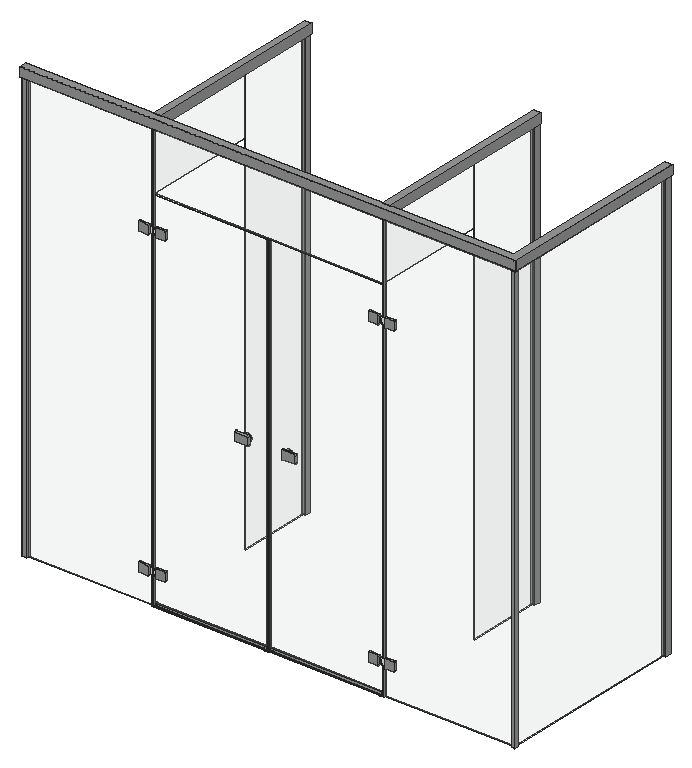
Revit family "Sanitary_Bath-screens_Modular system_Duscholux_SYSTEM210_S21-C", category Aparatos sanitarios, Revit 2019 (continued)
Types (22, lengths in mm): name | Uper profile guide | Opening System Image | Handle Material | Frame Material | Accesories Material
  Black Aluminium Finish Superior guide Quartz PanElle | PanElle Quartz_DuscholuxMaterial | "https://duscholux.es/resources/custom/img/System21/S21_C.jpg" | Anodized Aluminium_Duscholux Material-Black Finish | Anodized Aluminium_Duscholux Material-Black Finish | Anodized Aluminium_Duscholux Material-Black Finish
  Black Aluminium Finish Superior guide Graphite PanElle | PanElle Graphite_DuscholuxMaterial | "https://duscholux.es/resources/custom/img/System21/S21_C.jpg" | Anodized Aluminium_Duscholux Material-Black Finish | Anodized Aluminium_Duscholux Material-Black Finish | Anodized Aluminium_Duscholux Material-Black Finish
  Platinum Aluminium Finish | Anodized Aluminium_Duscholux Material-Platinum Finish | "https://duscholux.es/resources/custom/img/System21/S21_C.jpg" | Anodized Aluminium_Duscholux Material-Platinum Finish | Anodized Aluminium_Duscholux Material-Platinum Finish | Anodized Aluminium_Duscholux Material-Platinum Finish
  Platinum Aluminium Finish Superior guide Basalt gray PanElle | PanElle Basalt Gray_Duscholux Material | "https://duscholux.es/resources/custom/img/System21/S21_B.jpg" | Anodized Aluminium_Duscholux Material-Platinum Finish | Anodized Aluminium_Duscholux Material-Platinum Finish | Anodized Aluminium_Duscholux Material-Platinum Finish
  Platinum Aluminium Finish Superior guide Metal gray PanElle | PanElle Metal Gray_Duscholux Material | "https://duscholux.es/resources/custom/img/System21/S21_C.jpg" | Anodized Aluminium_Duscholux Material-Platinum Finish | Anodized Aluminium_Duscholux Material-Platinum Finish | Anodized Aluminium_Duscholux Material-Platinum Finish
  Platinum Aluminium Finish Superior guide Concrete PanElle | PanElle Concrete_Duscholux Material | "https://duscholux.es/resources/custom/img/System21/S21_C.jpg" | Anodized Aluminium_Duscholux Material-Platinum Finish | Anodized Aluminium_Duscholux Material-Platinum Finish | Anodized Aluminium_Duscholux Material-Platinum Finish
  Platinum Aluminium Finish Superior guide Graphite PanElle | PanElle Graphite_DuscholuxMaterial | "https://duscholux.es/resources/custom/img/System21/S21_C.jpg" | Anodized Aluminium_Duscholux Material-Platinum Finish | Anodized Aluminium_Duscholux Material-Platinum Finish | Anodized Aluminium_Duscholux Material-Platinum Finish
  Platinum Aluminium Finish Superior guide Quartz PanElle | PanElle Quartz_DuscholuxMaterial | "https://duscholux.es/resources/custom/img/System21/S21_C.jpg" | Anodized Aluminium_Duscholux Material-Platinum Finish | Anodized Aluminium_Duscholux Material-Platinum Finish | Anodized Aluminium_Duscholux Material-Platinum Finish
  Platinum Aluminium Finish Superior guide White PanElle | PanElle White_Duscholux Material | "https://duscholux.es/resources/custom/img/System21/S21_C.jpg" | Anodized Aluminium_Duscholux Material-Platinum Finish | Anodized Aluminium_Duscholux Material-Platinum Finish | Anodized Aluminium_Duscholux Material-Platinum Finish
  Matte Silver Aluminium Finish | Anodized Aluminium_Duscholux Material-Matte Silver Finish | "https://duscholux.es/resources/custom/img/System21/S21_C.jpg" | Anodized Aluminium_Duscholux Material-Matte Silver Finish | Anodized Aluminium_Duscholux Material-Matte Silver Finish | Anodized Aluminium_Duscholux Material-Matte Silver Finish
  Matte Silver Aluminium Finish Superior guide Basalt gray PanElle | PanElle Basalt Gray_Duscholux Material | "https://duscholux.es/resources/custom/img/System21/S21_C.jpg" | Anodized Aluminium_Duscholux Material-Matte Silver Finish | Anodized Aluminium_Duscholux Material-Matte Silver Finish | Anodized Aluminium_Duscholux Material-Matte Silver Finish
  Matte Silver Aluminium Finish Superior guide Metal gray PanElle | PanElle Metal Gray_Duscholux Material | "https://duscholux.es/resources/custom/img/System21/S21_C.jpg" | Anodized Aluminium_Duscholux Material-Matte Silver Finish | Anodized Aluminium_Duscholux Material-Matte Silver Finish | Anodized Aluminium_Duscholux Material-Matte Silver Finish
  Matte Silver Aluminium Finish Superior guide Concrete PanElle | PanElle Concrete_Duscholux Material | "https://duscholux.es/resources/custom/img/System21/S21_C.jpg" | Anodized Aluminium_Duscholux Material-Matte Silver Finish | Anodized Aluminium_Duscholux Material-Matte Silver Finish | Anodized Aluminium_Duscholux Material-Matte Silver Finish
  Matte Silver Aluminium Finish Superior guide Graphite PanElle | PanElle Graphite_DuscholuxMaterial | "https://duscholux.es/resources/custom/img/System21/S21_C.jpg" | Anodized Aluminium_Duscholux Material-Matte Silver Finish | Anodized Aluminium_Duscholux Material-Matte Silver Finish | Anodized Aluminium_Duscholux Material-Matte Silver Finish
  Matte Silver Aluminium Finish Superior guide Quartz PanElle | PanElle Quartz_DuscholuxMaterial | "https://duscholux.es/resources/custom/img/System21/S21_C.jpg" | Anodized Aluminium_Duscholux Material-Matte Silver Finish | Anodized Aluminium_Duscholux Material-Matte Silver Finish | Anodized Aluminium_Duscholux Material-Matte Silver Finish
  Matte Silver Aluminium Finish Superior guide White PanElle | PanElle White_Duscholux Material | "https://duscholux.es/resources/custom/img/System21/S21_C.jpg" | Anodized Aluminium_Duscholux Material-Matte Silver Finish | Anodized Aluminium_Duscholux Material-Matte Silver Finish | Anodized Aluminium_Duscholux Material-Matte Silver Finish
